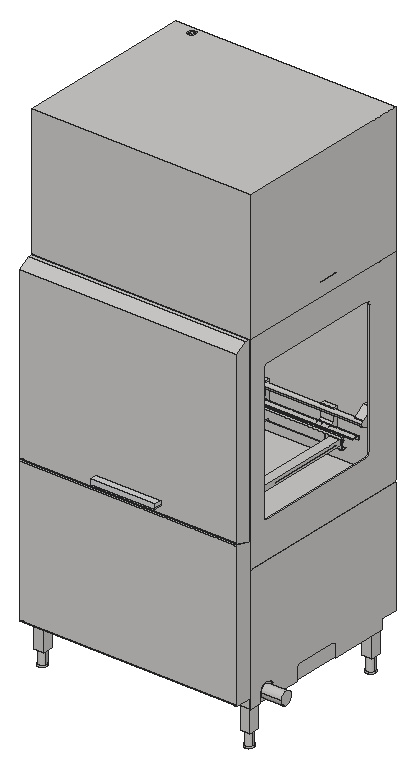
Revit family "QF_ELECTROLUXPROFESSIONAL_535035_NLPWEV", category Specialty Equipment, Revit 2018
Family settings
  Round Connector Dimension = Use Diameter
  Part Type = Normal
  Work Plane-Based = No
  Always vertical = Yes
  Cut with Voids When Loaded = No
  Shared = No
  Room Calculation Point = No
Parameters
  Weight = 0.00 kg
  Watts = 0 W
  Volts = 380 V
  URL Manufacturer = "http://professional.electrolux.com/"
  URL = "http://professional.electrolux.com/"
  Steam Supply Size = 0 mm
  Steam Supply Minimum Pressure = 0.0 Pa
  Steam Supply Maximum Pressure = 0.0 Pa
  Steam Pounds per Hour = 0
  Show Clearance [instance] = yes
  Refrigeration Suction Line Size = 0 mm
  Refrigeration Liquid Line Size = 0 mm
  Refrigerant Compressor Remote = yes
  Manufacturer = "Electrolux"
  Phase = 3
  Model = "NLPWEV"
  Length Actual = 890 mm  # constant formula
  Item Number = "535035"
  Hot Water Size = 0 mm
  Height Actual = 2020 mm  # constant formula
  HP = "20.8 HP"
  Gas Size = 0 mm
  Gas KW = 0
  Gas Input Pressure = 0 W
  Direct Waste Size = 50 mm
  Description = "LARGE PRE-WASH MODULE RT-ELEC.HP"
  Depth Actual = 825 mm  # constant formula
  Cycle = 50 Hz
  Condensate Return Size = 0 mm
  Compressed Air Volume = 0.0 L/s
  Compressed Air Size = 0 mm
  Compressed Air Pressure = 0.0 Pa
  Cold Water Size = 0 mm
  Accessory = yes
Reference planes
  plane 1 "Center X": y = -14.242
  plane 2: z = 0
  plane 3 "Center Y": x = 293.437
  plane 4 "LEFT": x = -151.563
  plane 5 "RIGHT": x = 738.437
  plane 6 "BACK": y = 383.258
  plane 7 "FRONT": y = -411.742
  plane 8: z = 150
  plane 9: z = 2095
  plane 10: z = 185
  plane 11 "TOP": z = 2020
Forms (mm)
  Extrusion 1, solid, material "QF_Clearance", visible <- "Show Clearance", detail levels coarse
    sketch origin (0, 0, 0) x (1, 0, 0) y (0, 1, 0)
      loop
        line (-151.563, 383.258) -> (738.437, 383.258) -> (738.437, 433.258) -> (-151.563, 433.258) -> (-151.563, 383.258)
    from 0 to 2020
  Extrusion 2, solid, material "QF_Finishes_Stainless Steel"
    sketch origin (-151.563, 437.565, 4000) x (0, 1, 0) y (0, 0, 1)
      loop
        line (-54.307, -2507) -> (-786.807, -2507) -> (-786.807, -3337)
        arc (-786.807, -3337) -> (-785.343, -3340.536) -> (-781.807, -3342) r 5
        line (-781.807, -3342) -> (-59.307, -3342)
        arc (-59.307, -3342) -> (-55.772, -3340.536) -> (-54.307, -3337) r 5
        line (-54.307, -3337) -> (-54.307, -2507)
      loop
        line (-203.511, -2625.157) -> (-705.104, -2625.157)
        arc (-705.104, -2625.157) -> (-717.267, -2630.195) -> (-722.305, -2642.358) r 17.201
        line (-722.305, -2642.358) -> (-722.305, -3177.057)
        arc (-722.305, -3177.057) -> (-717.267, -3189.22) -> (-705.104, -3194.258) r 17.201
        line (-705.104, -3194.258) -> (-203.511, -3194.258)
        arc (-203.511, -3194.258) -> (-191.348, -3189.22) -> (-186.31, -3177.057) r 17.201
        line (-186.31, -3177.057) -> (-186.31, -2642.358)
        arc (-186.31, -2642.358) -> (-191.348, -2630.195) -> (-203.511, -2625.157) r 17.201
    from 0 to 5
  Extrusion 3, solid, material "QF_Finishes_Stainless Steel"
    sketch origin (293.437, 0, 235) x (0, 1, 0) y (0, 0, 1)
      loop
        line (383.258, 1785) -> (-349.242, 1785) -> (-349.242, 1258) -> (383.258, 1258) -> (383.258, 1785)
    from -445 to 445
  Extrusion 4, solid, material "QF_Finishes_Stainless Steel"
    sketch origin (293.437, 0, 0) x (0, 1, 0) y (0, 0, 1)
      loop
        line (383.258, 1493) -> (-349.242, 1493) -> (-349.242, 150) -> (315.758, 150) -> (315.758, 188) -> (383.258, 188) -> (383.258, 1493)
      loop
        line (315.758, 1443) -> (-324.242, 1443) -> (-324.242, 708) -> (315.758, 708) -> (315.758, 1443)
    from -440 to 440
  Extrusion 5, solid, material "QF_Finishes_Stainless Steel"
    sketch origin (-151.563, 437.565, 4000) x (0, 1, 0) y (0, 0, 1)
      loop
        line (-59.307, -3344) -> (-781.807, -3344)
        arc (-781.807, -3344) -> (-785.343, -3345.464) -> (-786.807, -3349) r 5
        line (-786.807, -3349) -> (-786.807, -3850) -> (-740.31, -3850) -> (-740.31, -3815)
        arc (-740.31, -3815) -> (-707.31, -3782) -> (-674.31, -3815) r 33
        line (-674.31, -3815) -> (-674.31, -3850) -> (-554.307, -3850) -> (-554.307, -3805)
        arc (-554.307, -3805) -> (-549.914, -3794.393) -> (-539.307, -3790) r 15
        line (-539.307, -3790) -> (-369.307, -3790)
        arc (-369.307, -3790) -> (-358.701, -3794.393) -> (-354.307, -3805) r 15
        line (-354.307, -3805) -> (-354.307, -3850) -> (-121.807, -3850) -> (-121.807, -3812) -> (-54.307, -3812) -> (-54.307, -3349)
        arc (-54.307, -3349) -> (-55.772, -3345.464) -> (-59.307, -3344) r 5
    from 0 to 5
  Extrusion 6, solid, material "QF_Finishes_Stainless Steel"
    sketch origin (738.437, 479.936, 4000) x (0, 1, 0) y (0, 0, 1)
      loop
        line (-96.678, -2507) -> (-829.178, -2507) -> (-829.178, -3337)
        arc (-829.178, -3337) -> (-827.714, -3340.536) -> (-824.178, -3342) r 5
        line (-824.178, -3342) -> (-101.678, -3342)
        arc (-101.678, -3342) -> (-98.142, -3340.536) -> (-96.678, -3337) r 5
        line (-96.678, -3337) -> (-96.678, -2507)
      loop
        line (-245.882, -2625.157) -> (-747.475, -2625.157)
        arc (-747.475, -2625.157) -> (-759.638, -2630.195) -> (-764.676, -2642.358) r 17.201
        line (-764.676, -2642.358) -> (-764.676, -3177.057)
        arc (-764.676, -3177.057) -> (-759.638, -3189.22) -> (-747.475, -3194.258) r 17.201
        line (-747.475, -3194.258) -> (-245.882, -3194.258)
        arc (-245.882, -3194.258) -> (-233.718, -3189.22) -> (-228.68, -3177.057) r 17.201
        line (-228.68, -3177.057) -> (-228.68, -2642.358)
        arc (-228.68, -2642.358) -> (-233.718, -2630.195) -> (-245.882, -2625.157) r 17.201
    from -5 to 0
  Extrusion 7, solid, material "QF_Finishes_Stainless Steel"
    sketch origin (738.437, 479.936, 4000) x (0, 1, 0) y (0, 0, 1)
      loop
        line (-101.678, -3344) -> (-824.178, -3344)
        arc (-824.178, -3344) -> (-827.714, -3345.464) -> (-829.178, -3349) r 5
        line (-829.178, -3349) -> (-829.178, -3850) -> (-782.68, -3850) -> (-782.68, -3815)
        arc (-782.68, -3815) -> (-749.68, -3782) -> (-716.68, -3815) r 33
        line (-716.68, -3815) -> (-716.68, -3850) -> (-596.678, -3850) -> (-596.678, -3805)
        arc (-596.678, -3805) -> (-592.285, -3794.393) -> (-581.678, -3790) r 15
        line (-581.678, -3790) -> (-411.678, -3790)
        arc (-411.678, -3790) -> (-401.071, -3794.393) -> (-396.678, -3805) r 15
        line (-396.678, -3805) -> (-396.678, -3850) -> (-164.178, -3850) -> (-164.178, -3812) -> (-96.678, -3812) -> (-96.678, -3349)
        arc (-96.678, -3349) -> (-98.142, -3345.464) -> (-101.678, -3344) r 5
    from -5 to 0
  Extrusion 8, void
    sketch origin (293.437, 383.258, 2020) x (1, 0, 0) y (0, -1, 0)
      loop
        circle (-353, 33.75) r 8
      loop
        circle (-353, 33.75) r 16
    from 0 to 5
Cuts and joins
  Extrusion 8 cuts Extrusion 3
Lines and regions (mm)
  symbolic lines, style "QF_Clearances", visible <- "Show Clearance", detail levels coarse
    curve 1: line (738.437, 433.258, 2020) -> (-151.563, 433.258, 2020)
  symbolic lines
    curve 2: line (-151.563, 383.258, 0) -> (738.437, 383.258, 0)
    curve 3: line (-151.563, -349.242, 0) -> (-151.563, 383.258, 0)
    curve 4: line (738.437, -349.242, 0) -> (-151.563, -349.242, 0)
    curve 5: line (738.437, 383.258, 0) -> (738.437, -349.242, 0)
    curve 6: line (-151.563, 315.758, 0) -> (738.437, 315.758, 0)
Dimensions and locks
  plane 4 "LEFT" to plane 5 "RIGHT" = 890 mm
  equal spacing: plane 6 "BACK", plane 1 "Center X", plane 7 "FRONT"
  plane 6 "BACK" to plane 7 "FRONT" = 795 mm
  plane 8 to level = 150 mm
  Extrusion 1 to Extrusion 8 sketch curve = 92 mm
  locked: Extrusion 5 to plane 4 "LEFT" at 5
  locked: plane 5 "RIGHT" to Extrusion 7 at 5
  aligned and locked: level to plane 2
  aligned and locked: plane 4 "LEFT" to nested 5
  aligned and locked: plane 5 "RIGHT" to nested 4
  aligned and locked: cut or joined group of Extrusion 3, Extrusion 8 to plane 4 "LEFT"
  aligned and locked: plane 5 "RIGHT" to cut or joined group of Extrusion 3, Extrusion 8
  aligned and locked: Extrusion 6 to Extrusion 7
  aligned and locked: Extrusion 4 to Extrusion 7
  aligned and locked: Extrusion 4 to Extrusion 5
  aligned and locked: curve 2 to plane 6 "BACK"
  aligned and locked: curve 5 to plane 5 "RIGHT"
  aligned and locked: plane 4 "LEFT" to curve 3
  aligned and locked: curve 4 to Extrusion 4
  aligned and locked: plane 3 "Center Y" to nested 3
Automatic sketch dimensions
  Extrusion 1 sketch curve to plane 4 "LEFT" = 0 mm
  Extrusion 1 sketch curve to plane 5 "RIGHT" = 0 mm
  Extrusion 1 sketch curve to plane 6 "BACK" = 0 mm
  plane 6 "BACK" to Extrusion 1 sketch curve = 50 mm
  Extrusion 2 sketch curve to plane 6 "BACK" = 0 mm
  Extrusion 2 sketch curve to Extrusion 2 sketch curve = 5 mm  (x2)
  Extrusion 2 sketch curve to plane 6 "BACK" = 132.002 mm  (x2)
  Extrusion 2 sketch curve to Extrusion 2 sketch curve = 17.201 mm  (x3)
  plane 7 "FRONT" to Extrusion 2 sketch curve = 144.203 mm  (x2)
  plane 7 "FRONT" to Extrusion 2 sketch curve = 67.5 mm
  plane 10 to Extrusion 2 sketch curve = 473 mm
  Extrusion 2 sketch curve to Extrusion 2 sketch curve = 142.742 mm
  Extrusion 2 sketch curve to Extrusion 2 sketch curve = 0 mm  (x2)
  Extrusion 2 sketch curve to Extrusion 2 sketch curve = 534.698 mm
  Extrusion 2 sketch curve to Extrusion 2 sketch curve = 135.358 mm
  Extrusion 3 sketch curve to plane 6 "BACK" = 0 mm
  plane 7 "FRONT" to Extrusion 3 sketch curve = 62.5 mm
  Extrusion 3 sketch curve to Extrusion 3 sketch curve = 527 mm
  Extrusion 4 sketch curve to plane 8 = 0 mm
  Extrusion 4 sketch curve to plane 6 "BACK" = 0 mm
  plane 10 to Extrusion 4 sketch curve = 3 mm
  Extrusion 4 sketch curve to plane 6 "BACK" = 67.5 mm  (x2)
  plane 7 "FRONT" to Extrusion 4 sketch curve = 87.5 mm
  plane 7 "FRONT" to Extrusion 4 sketch curve = 62.5 mm
  Extrusion 4 sketch curve to Extrusion 4 sketch curve = 520 mm
  Extrusion 4 sketch curve to Extrusion 4 sketch curve = 50 mm
  Extrusion 5 sketch curve to plane 8 = 0 mm  (x3)
  Extrusion 5 sketch curve to plane 10 = 0 mm  (x2)
  Extrusion 5 sketch curve to plane 6 "BACK" = 0 mm
  Extrusion 5 sketch curve to plane 6 "BACK" = 5 mm
  plane 10 to Extrusion 5 sketch curve = 3 mm
  Extrusion 5 sketch curve to Extrusion 5 sketch curve = 67.5 mm
  Extrusion 5 sketch curve to plane 1 "Center X" = 97.5 mm
  Extrusion 5 sketch curve to Extrusion 5 sketch curve = 15 mm  (x2)
  plane 10 to Extrusion 5 sketch curve = 25 mm
  plane 1 "Center X" to Extrusion 5 sketch curve = 87.5 mm
  Extrusion 5 sketch curve to Extrusion 5 sketch curve = 120.002 mm
  Extrusion 5 sketch curve to Extrusion 5 sketch curve = 33 mm
  plane 7 "FRONT" to Extrusion 5 sketch curve = 67.5 mm
  Extrusion 5 sketch curve to Extrusion 5 sketch curve = 46.498 mm
  plane 10 to Extrusion 5 sketch curve = 466 mm
  Extrusion 6 sketch curve to plane 6 "BACK" = 0 mm
  Extrusion 6 sketch curve to plane 6 "BACK" = 5 mm
  Extrusion 6 sketch curve to plane 6 "BACK" = 132.002 mm  (x2)
  Extrusion 6 sketch curve to Extrusion 6 sketch curve = 17.201 mm  (x3)
  plane 7 "FRONT" to Extrusion 6 sketch curve = 144.203 mm  (x2)
  plane 7 "FRONT" to Extrusion 6 sketch curve = 67.5 mm
  Extrusion 6 sketch curve to Extrusion 6 sketch curve = 5 mm
  plane 10 to Extrusion 6 sketch curve = 473 mm
  Extrusion 6 sketch curve to Extrusion 6 sketch curve = 142.742 mm
  Extrusion 6 sketch curve to Extrusion 6 sketch curve = 0 mm  (x2)
  Extrusion 6 sketch curve to Extrusion 6 sketch curve = 534.698 mm
  Extrusion 6 sketch curve to Extrusion 6 sketch curve = 135.358 mm
  Extrusion 7 sketch curve to plane 8 = 0 mm  (x3)
  Extrusion 7 sketch curve to plane 10 = 0 mm  (x2)
  Extrusion 7 sketch curve to plane 6 "BACK" = 0 mm
  Extrusion 7 sketch curve to plane 6 "BACK" = 5 mm
  plane 10 to Extrusion 7 sketch curve = 3 mm
  Extrusion 7 sketch curve to plane 6 "BACK" = 67.5 mm
  Extrusion 7 sketch curve to plane 1 "Center X" = 97.5 mm
  Extrusion 7 sketch curve to Extrusion 7 sketch curve = 15 mm  (x2)
  plane 10 to Extrusion 7 sketch curve = 25 mm
  plane 1 "Center X" to Extrusion 7 sketch curve = 87.5 mm
  Extrusion 7 sketch curve to Extrusion 7 sketch curve = 120.002 mm
  Extrusion 7 sketch curve to Extrusion 7 sketch curve = 33 mm
  plane 7 "FRONT" to Extrusion 7 sketch curve = 67.5 mm
  Extrusion 7 sketch curve to Extrusion 7 sketch curve = 46.498 mm
  plane 10 to Extrusion 7 sketch curve = 466 mm
  Extrusion 8 sketch curve to Extrusion 8 sketch curve = 0 mm  (x2)
  Extrusion 3 to Extrusion 8 sketch curve = 33.75 mm
  curve 1 to Extrusion 3 = 0 mm  (x2)
  curve 1 to Extrusion 3 = 50 mm
  curve 6 to plane 6 "BACK" = 67.5 mm
  Extrusion 3 sketch curve to plane 9 = 602 mm
  Extrusion 4 sketch curve to plane 9 = 652 mm
  radius of Extrusion 8 sketch curve = 8 mm
  radius of Extrusion 8 sketch curve = 16 mm
Nested families
  nested 1: "Foot_40x40_H150" at (712.437, -324.742, 0), type "Foot_40x40_H150"
  nested 2: "Foot_40x40_H150" at (712.437, 291.258, 0), type "Foot_40x40_H150"
  nested 3: "Basket_Guide+Wash_Arm_35''" at (0, 0, 0), type "Basket_Guide+Wash_Arm_35''"
  nested 4: "Drain_DX" at (-445, 0, 0), type "Drain_DX"
  nested 5: "HWI-CWI_DX" at (445, 0, 0), type "HWI-CWI_DX"
  nested 6: "Foot_40x40_H150" at (-125.563, -324.742, 0) x (-1, 0, 0) z (0, 0, 1), type "Foot_40x40_H150"
  nested 7: "Foot_40x40_H150" at (-125.563, 291.258, 0) x (-1, 0, 0) z (0, 0, 1), type "Foot_40x40_H150"
  nested 8: "Door_35''" at (-115, 0, 0), Show Clearance <- "Show Clearance", type "Door_35''"
    with Show Clearance yes
Connectors
  piping at (818.437, -269.744, 185), diameter 50
    settings: on nested 4, index 2, connector inside diameter 609.6 mm, connector length 0 mm, flow factor 0, pipe flow 0.0 L/s, pressure drop 0.0 Pa, fitting loss kfactor 0, connector angle 0.00°, fixture units 0, engagement length 0 mm, angle of deflection 0.00°, flow configuration 1, flow direction 2, fitting loss method 0, system type 16, joint type 0, gender type 0, connector reference index -1, connector utility 0, adjustable connector no, is connector primary yes, connector description "Drain"
  piping at (-231.563, 53.258, 185), diameter 36
    settings: on nested 5, index 3, connector inside diameter 609.6 mm, connector length 0 mm, flow factor 0, pipe flow 0.0 L/s, pressure drop 0.0 Pa, fitting loss kfactor 0, connector angle 0.00°, fixture units 0, engagement length 0 mm, angle of deflection 0.00°, flow configuration 1, flow direction 1, fitting loss method 0, system type 19, joint type 0, gender type 0, connector reference index -1, connector utility 0, adjustable connector no, is connector primary no, connector description "Hot Water Inlet"
  piping at (-231.563, -86.742, 185), diameter 36
    settings: on nested 5, index 4, connector inside diameter 609.6 mm, connector length 0 mm, flow factor 0, pipe flow 0.0 L/s, pressure drop 0.0 Pa, fitting loss kfactor 0, connector angle 0.00°, fixture units 0, engagement length 0 mm, angle of deflection 0.00°, flow configuration 1, flow direction 1, fitting loss method 0, system type 20, joint type 0, gender type 0, connector reference index -1, connector utility 0, adjustable connector no, is connector primary no, connector description "Cold Water Inlet"
  electrical at (-59.563, 349.508, 2020), driven by "Volts"
    settings: on cut or joined group of Extrusion 3, Extrusion 8, index 5, voltage 380 V, apparent load 0 VA, apparent load phase1 0 VA, apparent load phase2 0 VA, apparent load phase3 0 VA, power factor 1, load classification "Altro", number of poles 1, system type 30, power factor state 1, is connector primary yes, connector utility no, sub classification motor no, connector description "Electrical Connection"
Definition of nested family "Foot_40x40_H150"
  Reference planes
    plane 1 "Centro (Fronte/Retro)": y = 0
    plane 2: z = 0
    plane 3 "Centro (Sinistra/Destra)": x = 0
    plane 4: z = 150
  Forms (mm)
    Extrusion 1, solid
      sketch origin (0, 0, 0) x (1, 0, 0) y (0, 1, 0)
        loop
          circle (0, 0) r 18
      from 0 to 5
    Extrusion 2, solid
      sketch origin (0, 0, 5) x (1, 0, 0) y (0, 1, 0)
        loop
          circle (0, 0) r 15
      from 0 to 55
    Extrusion 3, solid
      sketch origin (0, 0, 60) x (1, 0, 0) y (0, 1, 0)
        loop
          line (-20, 20) -> (-20, -20) -> (20, -20) -> (20, 20) -> (-20, 20)
      from 0 to 90
  Dimensions and locks
    aligned and locked: level to plane 2
    aligned and locked: plane 4 to Extrusion 3
    aligned and locked: Extrusion 1 to level
Definition of nested family "Basket_Guide+Wash_Arm_35''"
  Reference planes
    plane 1 "Center X": y = -14.242
    plane 2: z = 0
    plane 3 "Center Y": x = 293.437
    plane 4 "LEFT": x = -151.563
    plane 5 "RIGHT": x = 738.437
    plane 6 "BACK": y = 383.258
    plane 7 "FRONT": y = -411.742
    plane 8: z = 150
    plane 9 "TOP": z = 1785
    plane 10: z = 875
  Forms (mm)
    Extrusion 1, solid
      sketch origin (293.437, -8.484, 0) x (0, -1, 0) y (0, 0, 1)
        loop
          line (267.703, 929.245) -> (267.703, 907.554) -> (315.758, 879.81) -> (315.758, 956.99) -> (267.703, 929.245)
        loop
          line (-256.187, 929.245) -> (-304.242, 956.99) -> (-324.242, 956.99) -> (-324.242, 879.81) -> (-304.242, 879.81) -> (-256.187, 907.554) -> (-256.187, 929.245)
      from -424 to -388
    Extrusion 2, solid
      sketch origin (293.437, -8.484, 0) x (0, -1, 0) y (0, 0, 1)
        loop
          circle (270.703, 918.4) r 10
        loop
          circle (-259.187, 918.4) r 10
      from -424 to 424
    Extrusion 3, solid
      sketch origin (293.437, -28.484, 0) x (0, -1, 0) y (0, 0, 1)
        loop
          line (251.003, 880.8) -> (243.003, 872.8) -> (228.003, 872.8) -> (228.003, 855.89) -> (208.003, 855.89) -> (208.003, 833.698) -> (244.4, 833.698) -> (215.584, 804.882) -> (206.801, 763.596) -> (207.78, 763.388) -> (216.501, 804.385) -> (268.424, 856.308) -> (268.424, 933.4) -> (251.003, 933.4) -> (251.003, 880.8)
        loop
          line (-279.487, 880.8) -> (-279.487, 933.4) -> (-296.908, 933.4) -> (-296.908, 856.308) -> (-274.298, 833.698) -> (-236.487, 833.698) -> (-236.487, 855.89) -> (-256.487, 855.89) -> (-256.487, 872.8) -> (-271.487, 872.8) -> (-279.487, 880.8)
        loop
          line (223.202, 1443) -> (221.202, 1443) -> (221.202, 1420.7) -> (198.852, 1381.988) -> (200.584, 1380.988) -> (223.202, 1420.164) -> (223.202, 1443)
      from -300 to -250
    Extrusion 4, solid
      sketch origin (293.437, -8.484, 0) x (0, -1, 0) y (0, 0, 1)
        loop
          line (-249.098, 858) -> (-249.098, 870.68)
          arc (-249.098, 870.68) -> (-248.419, 872.32) -> (-246.778, 873) r 2.32
          line (-246.778, 873) -> (-219.098, 873) -> (-219.098, 875) -> (-246.778, 875)
          arc (-246.778, 875) -> (-249.833, 873.735) -> (-251.098, 870.68) r 4.32
          line (-251.098, 870.68) -> (-251.098, 858) -> (-249.098, 858)
        loop
          line (260.615, 858) -> (262.615, 858) -> (262.615, 870.68)
          arc (262.615, 870.68) -> (261.349, 873.735) -> (258.294, 875) r 4.32
          line (258.294, 875) -> (230.615, 875) -> (230.615, 873) -> (258.294, 873)
          arc (258.294, 873) -> (259.935, 872.32) -> (260.615, 870.68) r 2.32
          line (260.615, 870.68) -> (260.615, 858)
      from -410 to 410
    Extrusion 5, solid
      sketch origin (293.437, -8.484, 0) x (0, -1, 0) y (0, 0, 1)
        loop
          arc (-216.318, 825.32) -> (-216.998, 823.679) -> (-218.639, 823) r 2.32
          line (-218.639, 823) -> (-236.318, 823) -> (-236.318, 821) -> (-218.639, 821)
          arc (-218.639, 821) -> (-215.584, 822.265) -> (-214.318, 825.32) r 4.32
          line (-214.318, 825.32) -> (-214.318, 861.68)
          arc (-214.318, 861.68) -> (-215.584, 864.735) -> (-218.639, 866) r 4.32
          line (-218.639, 866) -> (-236.318, 866) -> (-236.318, 864) -> (-218.639, 864)
          arc (-218.639, 864) -> (-216.998, 863.32) -> (-216.318, 861.68) r 2.32
          line (-216.318, 861.68) -> (-216.318, 825.32)
        loop
          line (227.835, 825.32) -> (227.835, 861.68)
          arc (227.835, 861.68) -> (228.514, 863.32) -> (230.155, 864) r 2.32
          line (230.155, 864) -> (247.835, 864) -> (247.835, 866) -> (230.155, 866)
          arc (230.155, 866) -> (227.1, 864.735) -> (225.835, 861.68) r 4.32
          line (225.835, 861.68) -> (225.835, 825.32)
          arc (225.835, 825.32) -> (227.1, 822.265) -> (230.155, 821) r 4.32
          line (230.155, 821) -> (247.835, 821) -> (247.835, 823) -> (230.155, 823)
          arc (230.155, 823) -> (228.514, 823.679) -> (227.835, 825.32) r 2.32
      from -370 to 370
    Extrusion 6, solid
      sketch origin (293.437, -8.484, 0) x (0, -1, 0) y (0, 0, 1)
        loop
          line (267.703, 929.245) -> (267.703, 907.554) -> (315.758, 879.81) -> (315.758, 956.99) -> (267.703, 929.245)
        loop
          line (-256.187, 929.245) -> (-304.242, 956.99) -> (-324.242, 956.99) -> (-324.242, 879.81) -> (-304.242, 879.81) -> (-256.187, 907.554) -> (-256.187, 929.245)
      from 424 to 388
    Extrusion 7, solid
      sketch origin (293.437, -28.484, 0) x (0, -1, 0) y (0, 0, 1)
        loop
          line (251.003, 880.8) -> (243.003, 872.8) -> (228.003, 872.8) -> (228.003, 855.89) -> (208.003, 855.89) -> (208.003, 833.698) -> (244.4, 833.698) -> (215.584, 804.882) -> (206.801, 763.596) -> (207.78, 763.388) -> (216.501, 804.385) -> (268.424, 856.308) -> (268.424, 933.4) -> (251.003, 933.4) -> (251.003, 880.8)
        loop
          line (-279.487, 880.8) -> (-279.487, 933.4) -> (-296.908, 933.4) -> (-296.908, 856.308) -> (-274.298, 833.698) -> (-236.487, 833.698) -> (-236.487, 855.89) -> (-256.487, 855.89) -> (-256.487, 872.8) -> (-271.487, 872.8) -> (-279.487, 880.8)
        loop
          line (223.202, 1443) -> (221.202, 1443) -> (221.202, 1420.7) -> (198.852, 1381.988) -> (200.584, 1380.988) -> (223.202, 1420.164) -> (223.202, 1443)
      from 300 to 250
    Extrusion 8, solid
      sketch origin (293.437, -8.484, 0) x (0, -1, 0) y (0, 0, 1)
        loop
          line (225.835, 858) -> (-214.318, 858) -> (-214.318, 836) -> (225.835, 836) -> (225.835, 858)
      from -360 to -325
    Extrusion 9, solid
      sketch origin (293.437, -8.484, 0) x (0, -1, 0) y (0, 0, 1)
        loop
          line (225.835, 858) -> (-214.318, 858) -> (-214.318, 836) -> (225.835, 836) -> (225.835, 858)
      from 360 to 325
    Extrusion 10, solid
      sketch origin (293.437, 315.758, 1443) x (0, 0, 1) y (-1, 0, 0)
        loop
          line (-650.516, -267.5) -> (-663.507, -260) -> (-676.497, -267.5) -> (-676.497, -282.5) -> (-663.507, -290) -> (-650.516, -282.5) -> (-650.516, -267.5)
        loop
          line (-650.516, 7.5) -> (-663.507, 15) -> (-676.497, 7.5) -> (-676.497, -7.5) -> (-663.507, -15) -> (-650.516, -7.5) -> (-650.516, 7.5)
        loop
          line (-650.516, 282.5) -> (-663.507, 290) -> (-676.497, 282.5) -> (-676.497, 267.5) -> (-663.507, 260) -> (-650.516, 267.5) -> (-650.516, 282.5)
        loop
          line (-22.01, -267.5) -> (-35, -260) -> (-47.99, -267.5) -> (-47.99, -282.5) -> (-35, -290) -> (-22.01, -282.5) -> (-22.01, -267.5)
        loop
          line (-22.01, 7.5) -> (-35, 15) -> (-47.99, 7.5) -> (-47.99, -7.5) -> (-35, -15) -> (-22.01, -7.5) -> (-22.01, 7.5)
        loop
          line (-22.01, 282.5) -> (-35, 290) -> (-47.99, 282.5) -> (-47.99, 267.5) -> (-35, 260) -> (-22.01, 267.5) -> (-22.01, 282.5)
      from 0 to 30
    Extrusion 11, solid
      sketch origin (293.437, 285.758, 1443) x (0, 0, 1) y (-1, 0, 0)
        loop
          circle (-663.507, -275) r 10
        loop
          circle (-663.507, 0) r 10
        loop
          circle (-663.507, 275) r 10
        loop
          circle (-35, 275) r 10
        loop
          circle (-35, 0) r 10
        loop
          circle (-35, -275) r 10
      from 0 to 537.443
    Extrusion 12, solid
      sketch origin (293.437, -28.484, 0) x (0, -1, 0) y (0, 0, 1)
        loop
          line (251.003, 880.8) -> (243.003, 872.8) -> (228.003, 872.8) -> (228.003, 855.89) -> (208.003, 855.89) -> (208.003, 833.698) -> (244.4, 833.698) -> (215.584, 804.882) -> (206.801, 763.596) -> (207.78, 763.388) -> (216.501, 804.385) -> (268.424, 856.308) -> (268.424, 933.4) -> (251.003, 933.4) -> (251.003, 880.8)
        loop
          line (-279.487, 880.8) -> (-279.487, 933.4) -> (-296.908, 933.4) -> (-296.908, 856.308) -> (-274.298, 833.698) -> (-236.487, 833.698) -> (-236.487, 855.89) -> (-256.487, 855.89) -> (-256.487, 872.8) -> (-271.487, 872.8) -> (-279.487, 880.8)
        loop
          line (223.202, 1443) -> (221.202, 1443) -> (221.202, 1420.7) -> (198.852, 1381.988) -> (200.584, 1380.988) -> (223.202, 1420.164) -> (223.202, 1443)
      from -25 to 25
  Cuts and joins
    joined: Extrusion 1, Extrusion 2, Extrusion 3, Extrusion 4, Extrusion 6, Extrusion 7, Extrusion 10, Extrusion 11, Extrusion 12
    joined: Extrusion 5, Extrusion 8, Extrusion 9
  Dimensions and locks
    plane 4 "LEFT" to plane 5 "RIGHT" = 890 mm
    equal spacing: plane 4 "LEFT", plane 3 "Center Y", plane 5 "RIGHT"
    equal spacing: plane 6 "BACK", plane 1 "Center X", plane 7 "FRONT"
    plane 6 "BACK" to plane 7 "FRONT" = 795 mm
    plane 9 "TOP" to plane 8 to level = 1635 mm, 150 mm
    aligned and locked: level to plane 2
  Automatic sketch dimensions
    plane 10 to Extrusion 1 sketch curve = 4.81 mm  (x2)
    Extrusion 1 sketch curve to plane 6 "BACK" = 67.5 mm
    Extrusion 1 sketch curve to Extrusion 1 sketch curve = 20 mm  (x2)
    Extrusion 1 sketch curve to Extrusion 1 sketch curve = 48.055 mm  (x2)
    plane 10 to Extrusion 1 sketch curve = 32.554 mm  (x2)
    Extrusion 1 sketch curve to Extrusion 1 sketch curve = 21.691 mm  (x2)
    Extrusion 1 sketch curve to Extrusion 1 sketch curve = 27.745 mm  (x2)
    plane 10 to Extrusion 2 sketch curve = 43.4 mm  (x2)
    Extrusion 2 sketch curve to plane 6 "BACK" = 132.555 mm
    Extrusion 3 sketch curve to plane 6 "BACK" = 114.834 mm
    Extrusion 3 sketch curve to Extrusion 3 sketch curve = 17.421 mm  (x3)
    plane 10 to Extrusion 3 sketch curve = 5.8 mm  (x2)
    Extrusion 3 sketch curve to plane 10 = 41.302 mm
    Extrusion 3 sketch curve to Extrusion 3 sketch curve = 22.61 mm
    Extrusion 3 sketch curve to plane 10 = 2.2 mm  (x2)
    Extrusion 3 sketch curve to Extrusion 3 sketch curve = 8 mm  (x2)
    Extrusion 3 sketch curve to Extrusion 3 sketch curve = 15 mm  (x2)
    Extrusion 3 sketch curve to Extrusion 3 sketch curve = 20 mm  (x2)
    Extrusion 3 sketch curve to Extrusion 3 sketch curve = 1.732 mm
    Extrusion 3 sketch curve to Extrusion 3 sketch curve = 0.978 mm
    Extrusion 3 sketch curve to Extrusion 3 sketch curve = 0.916 mm
    Extrusion 3 sketch curve to Extrusion 3 sketch curve = 2 mm
    Extrusion 3 sketch curve to Extrusion 3 sketch curve = 39.101 mm
    Extrusion 3 sketch curve to Extrusion 3 sketch curve = 16.909 mm  (x2)
    Extrusion 3 sketch curve to plane 10 = 18.692 mm  (x2)
    Extrusion 3 sketch curve to Extrusion 3 sketch curve = 52.6 mm  (x2)
    Extrusion 3 sketch curve to Extrusion 3 sketch curve = 22.3 mm
    Extrusion 4 sketch curve to Extrusion 4 sketch curve = 0 mm  (x6)
    Extrusion 4 sketch curve to plane 10 = 0 mm  (x2)
    Extrusion 4 sketch curve to plane 10 = 4.32 mm  (x2)
    Extrusion 4 sketch curve to plane 6 "BACK" = 140.644 mm
    Extrusion 4 sketch curve to Extrusion 4 sketch curve = 2 mm  (x2)
    Extrusion 4 sketch curve to Extrusion 4 sketch curve = 27.68 mm  (x2)
    Extrusion 4 sketch curve to Extrusion 4 sketch curve = 12.68 mm  (x2)
    Extrusion 5 sketch curve to Extrusion 5 sketch curve = 0 mm  (x10)
    Extrusion 5 sketch curve to plane 10 = 9 mm
    Extrusion 5 sketch curve to plane 6 "BACK" = 155.423 mm
    Extrusion 5 sketch curve to Extrusion 5 sketch curve = 17.68 mm  (x4)
    Extrusion 5 sketch curve to Extrusion 5 sketch curve = 2.32 mm  (x3)
    Extrusion 5 sketch curve to Extrusion 5 sketch curve = 2 mm  (x2)
    Extrusion 5 sketch curve to Extrusion 5 sketch curve = 36.36 mm
    Extrusion 5 sketch curve to plane 10 = 13.32 mm
    plane 10 to Extrusion 6 sketch curve = 4.81 mm  (x2)
    Extrusion 6 sketch curve to plane 6 "BACK" = 67.5 mm
    Extrusion 6 sketch curve to Extrusion 6 sketch curve = 20 mm  (x2)
    Extrusion 6 sketch curve to Extrusion 6 sketch curve = 48.055 mm  (x2)
    plane 10 to Extrusion 6 sketch curve = 32.554 mm  (x2)
    Extrusion 6 sketch curve to Extrusion 6 sketch curve = 21.691 mm  (x2)
    Extrusion 6 sketch curve to Extrusion 6 sketch curve = 27.745 mm  (x2)
    Extrusion 7 sketch curve to plane 6 "BACK" = 114.834 mm
    Extrusion 7 sketch curve to Extrusion 7 sketch curve = 17.421 mm  (x3)
    plane 10 to Extrusion 7 sketch curve = 5.8 mm  (x2)
    Extrusion 7 sketch curve to plane 10 = 41.302 mm
    Extrusion 7 sketch curve to Extrusion 7 sketch curve = 22.61 mm
    Extrusion 7 sketch curve to plane 10 = 2.2 mm  (x2)
    Extrusion 7 sketch curve to Extrusion 7 sketch curve = 8 mm  (x2)
    Extrusion 7 sketch curve to Extrusion 7 sketch curve = 15 mm  (x2)
    Extrusion 7 sketch curve to Extrusion 7 sketch curve = 20 mm  (x2)
    Extrusion 7 sketch curve to Extrusion 7 sketch curve = 1.732 mm
    Extrusion 7 sketch curve to Extrusion 7 sketch curve = 0.978 mm
    Extrusion 7 sketch curve to Extrusion 7 sketch curve = 0.916 mm
    Extrusion 7 sketch curve to Extrusion 7 sketch curve = 2 mm
    Extrusion 7 sketch curve to Extrusion 7 sketch curve = 39.101 mm
    Extrusion 7 sketch curve to Extrusion 7 sketch curve = 16.909 mm  (x2)
    Extrusion 7 sketch curve to plane 10 = 18.692 mm  (x2)
    Extrusion 7 sketch curve to Extrusion 7 sketch curve = 52.6 mm  (x2)
    Extrusion 7 sketch curve to Extrusion 7 sketch curve = 22.3 mm
    Extrusion 8 sketch curve to plane 10 = 17 mm
    Extrusion 8 sketch curve to Extrusion 8 sketch curve = 22 mm
    Extrusion 9 sketch curve to plane 10 = 17 mm
    Extrusion 9 sketch curve to Extrusion 9 sketch curve = 22 mm
    Extrusion 10 sketch curve to Extrusion 10 sketch curve = 7.5 mm  (x15)
    plane 3 "Center Y" to Extrusion 10 sketch curve = 15 mm  (x2)
    plane 3 "Center Y" to Extrusion 10 sketch curve = 7.5 mm  (x4)
    Extrusion 10 sketch curve to plane 3 "Center Y" = 7.5 mm  (x4)
    Extrusion 11 sketch curve to Extrusion 10 = 12.99 mm  (x7)
    Extrusion 11 sketch curve to Extrusion 11 sketch curve = 0 mm
    Extrusion 11 sketch curve to Extrusion 11 sketch curve = 275 mm  (x4)
    Extrusion 12 sketch curve to plane 6 "BACK" = 114.834 mm
    Extrusion 12 sketch curve to Extrusion 12 sketch curve = 17.421 mm  (x3)
    plane 10 to Extrusion 12 sketch curve = 5.8 mm  (x2)
    Extrusion 12 sketch curve to plane 10 = 41.302 mm
    Extrusion 12 sketch curve to Extrusion 12 sketch curve = 22.61 mm
    Extrusion 12 sketch curve to plane 10 = 2.2 mm  (x2)
    Extrusion 12 sketch curve to Extrusion 12 sketch curve = 8 mm  (x2)
    Extrusion 12 sketch curve to Extrusion 12 sketch curve = 15 mm  (x2)
    Extrusion 12 sketch curve to Extrusion 12 sketch curve = 20 mm  (x2)
    Extrusion 12 sketch curve to Extrusion 12 sketch curve = 1.732 mm
    Extrusion 12 sketch curve to Extrusion 12 sketch curve = 0.978 mm
    Extrusion 12 sketch curve to Extrusion 12 sketch curve = 0.916 mm
    Extrusion 12 sketch curve to Extrusion 12 sketch curve = 2 mm
    Extrusion 12 sketch curve to Extrusion 12 sketch curve = 39.101 mm
    Extrusion 12 sketch curve to Extrusion 12 sketch curve = 16.909 mm  (x2)
    Extrusion 12 sketch curve to plane 10 = 18.692 mm  (x2)
    Extrusion 12 sketch curve to Extrusion 12 sketch curve = 52.6 mm  (x2)
    Extrusion 12 sketch curve to Extrusion 12 sketch curve = 22.3 mm
    plane 7 "FRONT" to Extrusion 1 sketch curve = 135.555 mm
    plane 7 "FRONT" to Extrusion 2 sketch curve = 132.555 mm
    plane 7 "FRONT" to Extrusion 3 sketch curve = 184.407 mm
    plane 7 "FRONT" to Extrusion 3 sketch curve = 176.457 mm
    Extrusion 3 sketch curve to Extrusion 3 sketch curve = 7.581 mm
    Extrusion 3 sketch curve to Extrusion 3 sketch curve = 16.397 mm
    Extrusion 3 sketch curve to Extrusion 3 sketch curve = 0 mm
    plane 7 "FRONT" to Extrusion 4 sketch curve = 172.644 mm
    plane 7 "FRONT" to Extrusion 5 sketch curve = 177.423 mm
    plane 7 "FRONT" to Extrusion 6 sketch curve = 135.555 mm
    plane 7 "FRONT" to Extrusion 7 sketch curve = 184.407 mm
    plane 7 "FRONT" to Extrusion 7 sketch curve = 176.457 mm
    Extrusion 7 sketch curve to Extrusion 7 sketch curve = 7.581 mm
    Extrusion 7 sketch curve to Extrusion 7 sketch curve = 16.397 mm
    Extrusion 7 sketch curve to Extrusion 7 sketch curve = 0 mm
    Extrusion 8 sketch curve to plane 6 "BACK" = 177.423 mm
    plane 7 "FRONT" to Extrusion 8 sketch curve = 177.423 mm
    Extrusion 9 sketch curve to plane 6 "BACK" = 177.423 mm
    plane 7 "FRONT" to Extrusion 9 sketch curve = 177.423 mm
    plane 7 "FRONT" to Extrusion 12 sketch curve = 184.407 mm
    plane 7 "FRONT" to Extrusion 12 sketch curve = 176.457 mm
    Extrusion 12 sketch curve to Extrusion 12 sketch curve = 7.581 mm
    Extrusion 12 sketch curve to Extrusion 12 sketch curve = 16.397 mm
    Extrusion 12 sketch curve to Extrusion 12 sketch curve = 0 mm
    Extrusion 10 sketch curve to plane 5 "RIGHT" = 185 mm  (x2)
    Extrusion 10 sketch curve to Extrusion 10 sketch curve = 15 mm  (x7)
    plane 4 "LEFT" to Extrusion 10 sketch curve = 185 mm  (x2)
    Extrusion 3 sketch curve to Extrusion 3 sketch curve = 1.202 mm
    Extrusion 3 sketch curve to Extrusion 3 sketch curve = 22.35 mm
    Extrusion 3 sketch curve to Extrusion 3 sketch curve = 28.816 mm
    Extrusion 3 sketch curve to Extrusion 3 sketch curve = 0.498 mm
    Extrusion 3 sketch curve to plane 9 "TOP" = 404.012 mm
    Extrusion 3 sketch curve to Extrusion 3 sketch curve = 1 mm
    Extrusion 5 sketch curve to Extrusion 5 sketch curve = 40.68 mm
    Extrusion 7 sketch curve to Extrusion 7 sketch curve = 1.202 mm
    Extrusion 7 sketch curve to Extrusion 7 sketch curve = 22.35 mm
    Extrusion 7 sketch curve to Extrusion 7 sketch curve = 28.816 mm
    Extrusion 7 sketch curve to Extrusion 7 sketch curve = 0.498 mm
    Extrusion 7 sketch curve to plane 9 "TOP" = 404.012 mm
    Extrusion 7 sketch curve to Extrusion 7 sketch curve = 1 mm
    Extrusion 10 sketch curve to plane 10 = 108.497 mm  (x3)
    Extrusion 10 sketch curve to Extrusion 10 sketch curve = 12.99 mm  (x18)
    Extrusion 10 sketch curve to plane 9 "TOP" = 389.99 mm
    Extrusion 10 sketch curve to Extrusion 10 sketch curve = 0 mm  (x2)
    Extrusion 12 sketch curve to Extrusion 12 sketch curve = 1.202 mm
    Extrusion 12 sketch curve to Extrusion 12 sketch curve = 22.35 mm
    Extrusion 12 sketch curve to Extrusion 12 sketch curve = 28.816 mm
    Extrusion 12 sketch curve to Extrusion 12 sketch curve = 0.498 mm
    Extrusion 12 sketch curve to plane 9 "TOP" = 404.012 mm
    Extrusion 12 sketch curve to Extrusion 12 sketch curve = 1 mm
    radius of Extrusion 2 sketch curve = 10 mm  (x2)
    radius of Extrusion 11 sketch curve = 10 mm  (x6)
Definition of nested family "Drain_DX"
  Reference planes
    plane 1: z = 0
    plane 2 "RIGHT": x = 1183.437
    plane 3 "BACK": y = 383.258
    plane 4 "FRONT": y = -411.742
    plane 5: z = 150
    plane 6 "TOP": z = 1785
  Forms (mm)
    Extrusion 1, solid
      sketch origin (1183.437, 437.565, 4000) x (0, 1, 0) y (0, 0, 1)
        loop
          circle (-707.31, -3815) r 25
      from -5 to 80
  Dimensions and locks
    plane 3 "BACK" to plane 4 "FRONT" = 795 mm
    plane 6 "TOP" to plane 5 to level = 1635 mm, 150 mm
    aligned and locked: level to plane 1
Definition of nested family "HWI-CWI_DX"
  Reference planes
    plane 1: z = 0
    plane 2 "LEFT": x = -596.563
    plane 3 "BACK": y = 383.258
    plane 4 "FRONT": y = -411.742
    plane 5: z = 150
    plane 6 "TOP": z = 1785
  Forms (mm)
    Revolve 1, solid
      sketch origin (4267.2, -349.242, 185) x (0, -1, 0) y (1, 0, 0)
        loop
          line (-402.5, -4943.763) -> (-402.5, -4858.763) -> (-420.5, -4858.763) -> (-420.5, -4876.167) -> (-416.808, -4876.167) -> (-416.808, -4880.167) -> (-420.5, -4880.167) -> (-420.5, -4894.168) -> (-418.588, -4894.168) -> (-418.588, -4898.168) -> (-416.588, -4898.168) -> (-416.588, -4899.868)
          spline (-416.588, -4899.868) -> (-416.342, -4901.916) -> (-415.73, -4903.656) -> (-414.933, -4905.149) -> (-414.137, -4906.456) -> (-413.524, -4907.64) -> (-413.279, -4908.762) -> (-413.524, -4909.884) -> (-414.137, -4911.068) -> (-414.933, -4912.376) -> (-415.73, -4913.868) -> (-416.342, -4915.608) -> (-416.588, -4917.657)
          line (-416.588, -4917.657) -> (-416.588, -4925.762) -> (-418.588, -4925.762) -> (-418.588, -4929.762) -> (-420.5, -4929.762) -> (-420.5, -4943.763) -> (-402.5, -4943.763)
        axis (-402.5, -4858.763) -> (-402.5, -4943.763)
      angle from 0 to 360
    Revolve 2, solid
      sketch origin (4267.2, -349.242, 185) x (0, -1, 0) y (1, 0, 0)
        loop
          line (-262.5, -4943.763) -> (-262.5, -4858.763) -> (-280.5, -4858.763) -> (-280.5, -4876.167) -> (-276.808, -4876.167) -> (-276.808, -4880.167) -> (-280.5, -4880.167) -> (-280.5, -4894.168) -> (-278.588, -4894.168) -> (-278.588, -4898.168) -> (-276.588, -4898.168) -> (-276.588, -4899.868)
          spline (-276.588, -4899.868) -> (-276.342, -4901.916) -> (-275.73, -4903.656) -> (-274.933, -4905.149) -> (-274.137, -4906.456) -> (-273.524, -4907.64) -> (-273.279, -4908.762) -> (-273.524, -4909.884) -> (-274.137, -4911.068) -> (-274.933, -4912.376) -> (-275.73, -4913.868) -> (-276.342, -4915.608) -> (-276.588, -4917.657)
          line (-276.588, -4917.657) -> (-276.588, -4925.762) -> (-278.588, -4925.762) -> (-278.588, -4929.762) -> (-280.5, -4929.762) -> (-280.5, -4943.763) -> (-262.5, -4943.763)
        axis (-262.5, -4858.763) -> (-262.5, -4943.763)
      angle from 0 to 360
  Dimensions and locks
    plane 3 "BACK" to plane 4 "FRONT" = 795 mm  (x2)
    plane 6 "TOP" to plane 5 to level = 1635 mm, 150 mm
    aligned and locked: level to plane 1
Definition of nested family "Door_35''"
  Parameters
    Show Clearance [instance] = yes
  Reference planes
    plane 1: z = 0
    plane 2 "Center Y": x = 408.437
    plane 3 "LEFT": x = -36.563
    plane 4 "RIGHT": x = 853.437
    plane 5 "FRONT": y = -411.742
    plane 6: z = 150
    plane 7 "TOP": z = 1785
    plane 8: z = 2095
    plane 9: z = 185
    plane 10: y = -349.242
  Forms (mm)
    Extrusion 1, solid
      sketch origin (853.437, -411.742, 1493) x (0, 0, -1) y (1, 0, 0)
        loop
          line (666, -576) -> (681, -576)
          arc (681, -576) -> (684.536, -574.536) -> (686, -571) r 5
          line (686, -571) -> (686, -319)
          arc (686, -319) -> (684.536, -315.464) -> (681, -314) r 5
          line (681, -314) -> (666, -314) -> (666, -576)
      from 0 to 30
    Extrusion 2, solid
      sketch origin (408.437, 0, 0) x (0, 1, 0) y (0, 0, 1)
        loop
          line (-349.242, 188) -> (-349.242, 758.131) -> (-408.595, 774.035)
          arc (-408.595, 774.035) -> (-410.764, 773.603) -> (-411.742, 771.62) r 2.5
          line (-411.742, 771.62) -> (-411.742, 190.5)
          arc (-411.742, 190.5) -> (-411.01, 188.732) -> (-409.242, 188) r 2.5
          line (-409.242, 188) -> (-349.242, 188)
      from -440 to 440
    Extrusion 3, solid
      sketch origin (408.437, 0, 0) x (0, 1, 0) y (0, 0, 1)
        loop
          line (-352.242, 1493) -> (-369.317, 1493) -> (-411.742, 1463.413) -> (-411.742, 778.225)
          arc (-411.742, 778.225) -> (-411.225, 776.703) -> (-409.889, 775.81) r 2.5
          line (-409.889, 775.81) -> (-355.389, 761.206)
          arc (-355.389, 761.206) -> (-353.22, 761.638) -> (-352.242, 763.621) r 2.5
          line (-352.242, 763.621) -> (-352.242, 1493)
      from -440 to 440
    Extrusion 4, solid, visible <- "Show Clearance", detail levels coarse
      sketch origin (853.437, -411.742, 2095) x (0, 0, -1) y (1, 0, 0)
        loop
          line (666, -576) -> (681, -576)
          arc (681, -576) -> (684.536, -574.536) -> (686, -571) r 5
          line (686, -571) -> (686, -319)
          arc (686, -319) -> (684.536, -315.464) -> (681, -314) r 5
          line (681, -314) -> (666, -314) -> (666, -576)
      from 0 to 30
    Extrusion 5, solid, visible <- "Show Clearance", detail levels coarse
      sketch origin (408.437, 0, 602) x (0, 1, 0) y (0, 0, 1)
        loop
          line (-352.242, 1493) -> (-369.317, 1493) -> (-411.742, 1463.413) -> (-411.742, 861.413) -> (-369.317, 891) -> (-352.242, 891) -> (-352.242, 1493)
      from -440 to 440
  Lines and regions (mm)
    symbolic lines
      curve 1: line (-31.563, -411.742, 1785) -> (-31.563, -349.242, 1785)
      curve 2: line (848.437, -411.742, 1785) -> (-31.563, -411.742, 1785)
      curve 3: line (848.437, -349.242, 1785) -> (848.437, -411.742, 1785)
      curve 4: line (277.437, -441.742, 1785) -> (277.437, -411.742, 1785)
      curve 5: line (539.437, -441.742, 1785) -> (277.437, -441.742, 1785)
      curve 6: line (539.437, -411.742, 1785) -> (539.437, -441.742, 1785)
  Dimensions and locks
    plane 3 "LEFT" to plane 4 "RIGHT" = 890 mm
    plane 7 "TOP" to plane 6 to level = 1635 mm, 150 mm
    equal spacing: plane 3 "LEFT", plane 2 "Center Y", plane 4 "RIGHT"
    locked: plane 3 "LEFT" to Extrusion 5 at 5
    locked: Extrusion 5 to plane 4 "RIGHT" at 5
    aligned and locked: level to plane 1
    aligned and locked: Extrusion 3 to Extrusion 5
    aligned and locked: Extrusion 2 to Extrusion 5
    aligned and locked: Extrusion 3 to Extrusion 2
    aligned and locked: Extrusion 5 to Extrusion 2
    aligned and locked: curve 1 to Extrusion 5
    aligned and locked: curve 3 to Extrusion 5
    aligned and locked: Extrusion 4 to Extrusion 1
  Automatic sketch dimensions
    Extrusion 1 sketch curve to plane 2 "Center Y" = 131 mm
    plane 9 to Extrusion 1 sketch curve = 642 mm
    Extrusion 1 sketch curve to Extrusion 1 sketch curve = 15 mm  (x2)
    Extrusion 1 sketch curve to Extrusion 1 sketch curve = 5 mm
    plane 2 "Center Y" to Extrusion 1 sketch curve = 126 mm
    Extrusion 2 sketch curve to plane 5 "FRONT" = 0 mm
    Extrusion 2 sketch curve to plane 10 = 0 mm
    plane 5 "FRONT" to Extrusion 2 sketch curve = 2.5 mm
    Extrusion 2 sketch curve to Extrusion 2 sketch curve = 2.5 mm
    Extrusion 2 sketch curve to Extrusion 2 sketch curve = 0.647 mm
    plane 9 to Extrusion 2 sketch curve = 3 mm
    Extrusion 2 sketch curve to Extrusion 2 sketch curve = 570.131 mm
    Extrusion 2 sketch curve to Extrusion 2 sketch curve = 13.489 mm
    Extrusion 3 sketch curve to plane 5 "FRONT" = 0 mm
    plane 5 "FRONT" to Extrusion 3 sketch curve = 1.853 mm
    Extrusion 3 sketch curve to Extrusion 3 sketch curve = 0.647 mm  (x2)
    Extrusion 3 sketch curve to plane 10 = 20.076 mm
    Extrusion 3 sketch curve to plane 10 = 6.147 mm
    Extrusion 3 sketch curve to plane 10 = 3 mm
    plane 9 to Extrusion 3 sketch curve = 576.206 mm
    Extrusion 3 sketch curve to Extrusion 3 sketch curve = 14.603 mm
    Extrusion 3 sketch curve to plane 7 "TOP" = 321.587 mm
    Extrusion 3 sketch curve to Extrusion 3 sketch curve = 29.587 mm
    Extrusion 4 sketch curve to plane 2 "Center Y" = 131 mm
    Extrusion 4 sketch curve to plane 7 "TOP" = 356 mm
    Extrusion 4 sketch curve to Extrusion 4 sketch curve = 15 mm  (x2)
    Extrusion 4 sketch curve to Extrusion 4 sketch curve = 5 mm
    plane 2 "Center Y" to Extrusion 4 sketch curve = 126 mm
    Extrusion 5 sketch curve to plane 5 "FRONT" = 0 mm
    Extrusion 5 sketch curve to plane 8 = 0 mm
    Extrusion 5 sketch curve to plane 10 = 20.076 mm  (x2)
    Extrusion 5 sketch curve to plane 10 = 3 mm
    Extrusion 5 sketch curve to plane 8 = 29.587 mm
    Extrusion 5 sketch curve to plane 7 "TOP" = 292 mm
    Extrusion 5 sketch curve to Extrusion 5 sketch curve = 29.587 mm
    curve 1 to plane 10 = 0 mm
    curve 3 to plane 10 = 0 mm
    curve 2 to plane 5 "FRONT" = 0 mm
    curve 4 to curve 5 = 30 mm
    curve 5 to plane 2 "Center Y" = 131 mm
    plane 2 "Center Y" to curve 5 = 131 mm
